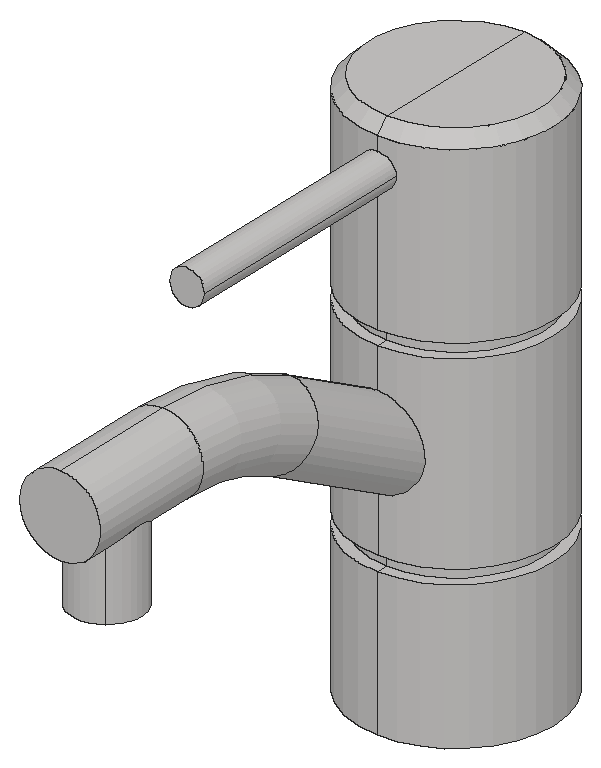
Revit family "Ifö Spira 15022 WB - 570 mm", category Generic Models, Revit 2015
Parameters (values of type "Ifö Spira 15022 WB - 570 mm")
  ifcExportType = "WASHHANDBASIN"
  ifcExportAs = "ifcSanitaryTerminalType"
  Width = 570.00 mm
  WashHandBasingMounting = "WallHung"
  WashHandBasinType = "Vanity"
  WarrantyStartDate = "n/a"
  WarrantyGuarantorParts = "n/a"
  WarrantyGuarantorLabor = "n/a"
  WarrantyDurationUnit = "n/a"
  WarrantyDurationParts = "n/a"
  WarrantyDurationLabor = "n/a"
  WarrantyDescription = "n/a"
  URL.se = "http://www.ifo.se/produkter/tvattstall/"
  URL.no = "http://www.ifosanitar.no/produkter/servanter/"
  URL.dk = "http://www.ifo.dk/produkter/handvaske/"
  URL = "n/a"
  Type Comments = "n/a"
  Type = "Building element"
  TagNumber = "n/a"
  SustainabilityPerformance = "n/a"
  SupplyPipeDiameter = 10.00 mm
  Size = "570x158x435"
  Shape = "Rounded"
  Serie = "Spira"
  SerialNumber = "n/a"
  ReturnPipeDiameter = 32.00 mm
  ReplacementCost = "n/a"
  NominalWidth = 570.00 mm
  NominalHeight = 158.00 mm
  NominalDepth = 435.00 mm
  Name = "Ifö Spira 15022 Wash basin, 57 cm"
  MountingHeight(offset) = 850.00 mm
  ModelReference = "Spira"
  ModelNumber = "15022"
  Model = "Ifö Spira 15022 WB 570 mm"
  Mixernotincluded(option) = yes
  Material = "Porcelain"
  Manufacturer = "Geberit"
  Keynote = "n/a"
  InstallationDate = "n/a"
  Height = 158.00 mm
  Grade = "n/a"
  Finish = "Glazed"
  Features = "feature1, feature2, feature6"
  ExpectedLife = "n/a"
  DurationUnit = "n/a"
  DrainSize = 0.00 mm
  Description = "Ifö Spira 15022 Wash basin, 57 cm"
  Depth = 435.00 mm
  Constituents = "n/a"
  ConnectorIn_VDistance = 0.00 mm
  ConnectorIn_HDistance = 120.00 mm
  Color = "White"
  CodePerformance = "n/a"
  Category = "WashHandBasin"
  CE labeling = "n/a"
  Brand = "Ifö"
  Brackets = Metal-Steel
  BarCode = "n/a"
  BIMObjectName = "Ifö Spira 15022 WB - 570 mm"
  AssetType = "n/a"
  AssetIdentifier = "n/a"
  AccessibilityPerformance = "n/a"
Reference planes
  plane 1 "Center (Front/Back)": y = 0
  plane 2: z = 0
  plane 3 "Center (Left/Right)": x = 0
  plane 4: z = 850
  plane 5 "Drain": z = 713.1
  plane 6: z = 713.1
  plane 7: x = 120
  plane 8: x = -120
  plane 9: y = -184.149
Dimensions and locks
  "MountingHeight(offset)": nested 1 to level
  "MountingHeight(offset)": plane 4 to level
  locked: plane 4 to plane 5 "Drain" at 136.9
  "ConnectorIn_VDistance": plane 6 to plane 5 "Drain"
  "ConnectorIn_HDistance": plane 3 "Center (Left/Right)" to plane 8
  "ConnectorIn_HDistance": plane 7 to plane 3 "Center (Left/Right)"
  locked: connector elem to plane 7
  locked: connector elem to plane 6  (x2)
  locked: plane 8 to connector elem
  locked: connector elem to plane 9
  aligned and locked: plane 2 to level
  aligned and locked: plane 3 "Center (Left/Right)" to nested 1
Nested families
  nested 1: "Generic" at (0, 0, 0), type "Generic"
Connectors
  piping at (120, 0, 713.1), diameter 10, driven by "SupplyPipeDiameter"
    settings: index 1, connector inside diameter 24", connector length 0.00 mm, flow factor 0, pipe flow 0 GPM, pressure drop 0.00 psi, fitting loss kfactor 0, connector angle 0.00°, fixture units 0, engagement length 0.00 mm, angle of deflection 0.00°, flow configuration 0, flow direction 1, fitting loss method 0, system type 20, joint type 0, gender type 0, connector reference index -1, connector utility 0, adjustable connector no, is connector primary yes, connector description ""
  piping at (-120, 0, 713.1), diameter 10, driven by "SupplyPipeDiameter"
    settings: index 2, connector inside diameter 24", connector length 0.00 mm, flow factor 0, pipe flow 0 GPM, pressure drop 0.00 psi, fitting loss kfactor 0, connector angle 0.00°, fixture units 0, engagement length 0.00 mm, angle of deflection 0.00°, flow configuration 0, flow direction 1, fitting loss method 0, system type 19, joint type 0, gender type 0, connector reference index -1, connector utility 0, adjustable connector no, is connector primary no, connector description ""
  piping at (0, -184.149, 713.1), diameter 32, driven by "ReturnPipeDiameter"
    settings: index 3, connector inside diameter 24", connector length 0.00 mm, flow factor 0, pipe flow 0 GPM, pressure drop 0.00 psi, fitting loss kfactor 0, connector angle 0.00°, fixture units 0, engagement length 0.00 mm, angle of deflection 0.00°, flow configuration 0, flow direction 2, fitting loss method 0, system type 16, joint type 0, gender type 0, connector reference index -1, connector utility 0, adjustable connector no, is connector primary no, connector description ""
Definition of nested family "Generic"
  Parameters
    VVS number = ""
    Reseller = ""
    Ifö number = ""
    Fittings = none
    CE labeling = ""
  Reference planes
    plane 1 "Center (Front/Back)": y = 0
    plane 2: z = 0
    plane 3 "Center (Left/Right)": x = 0
    plane 4: z = 850
  Forms (mm)
    Revolve 1, solid, material <- "Fittings"
      sketch origin (0, 3.735, 659.213) x (0, 1, 0) y (0, 0, 1)
        loop
          line (-81.936, 191.684) -> (-64.936, 191.684) -> (-64.936, 286.704) -> (-79.789, 286.704) -> (-81.936, 284.557) -> (-81.936, 254.557) -> (-79.936, 254.557) -> (-79.936, 252.057) -> (-81.936, 252.057) -> (-81.936, 219.557) -> (-79.936, 219.557) -> (-79.936, 217.057) -> (-81.936, 217.057) -> (-81.936, 191.684)
        axis (-64.936, 286.704) -> (-64.936, 191.684)
      angle from 0 to 360
    Sweep 2, solid, material <- "Fittings"
      path origin (185, 1.235, 649.213) x (0, 1, 0) y (0, 0, 1)
        loop
          line (-147.967, 265.803) -> (-125.897, 265.803)
          arc (-125.897, 265.803) -> (-113.378, 264.21) -> (-101.657, 259.534) r 50
          line (-101.657, 259.534) -> (-72.443, 243.34)
      profile origin (185, -135.697, 915.016) x (0, 0, 1) y (1, 0, 0)
        loop
          circle (0, -185) r 7
    Extrusion 3, solid, material <- "Fittings"
      sketch origin (0, 3.735, 659.213) x (1, 0, 0) y (0, 0, 1)
        loop
          circle (0, 279.191) r 3
      from 74.245 to 123.053
    Extrusion 4, solid, material <- "Fittings"
      sketch origin (174.135, -142.844, 385.896) x (0.601815, -0.798636, 0) y (0.798636, 0.601815, 0)
        loop
          circle (-109.679, -135.391) r 6.014
      from 527.873 to 511.219
  Cuts and joins
    joined: Revolve 1, Sweep 2, Extrusion 3, Extrusion 4
  Lines and regions (mm)
    Masking region 1
      outline origin (673.792, -202.477, 0) x (1, 0, 0) y (0, 1, 0)
        loop
          arc (-923.792, 202.477) -> (-929.12, 202.387) -> (-934.442, 202.116) r 157.295
          arc (-934.442, 202.116) -> (-939.034, 201.659) -> (-943.589, 200.913) r 73.295
          arc (-943.589, 200.913) -> (-946.739, 200.081) -> (-949.756, 198.852) r 25.309
          arc (-949.756, 198.852) -> (-951.496, 197.83) -> (-953.052, 196.545) r 12.685
          arc (-953.052, 196.545) -> (-956.323, 192.162) -> (-958.05, 186.972) r 17.172
          arc (-958.05, 186.972) -> (-959.316, 177.082) -> (-959.91, 167.128) r 147.149
          arc (-959.91, 167.128) -> (-960.008, 159.803) -> (-959.925, 152.477) r 296.815
          arc (-959.925, 152.477) -> (-959.508, 122.78) -> (-959.471, 93.08) r 2317.783
          arc (-959.471, 93.08) -> (-959.442, 75.594) -> (-959.175, 58.11) r 1283.185
          arc (-959.175, 58.11) -> (-958.823, 38.448) -> (-958.633, 18.783) r 2367.231
          arc (-958.633, 18.783) -> (-958.379, -3.863) -> (-957.862, -26.505) r 1959.962
          arc (-957.862, -26.505) -> (-957.361, -44.722) -> (-956.897, -62.941) r 8716.851
          arc (-956.897, -62.941) -> (-956.456, -78.658) -> (-955.902, -94.371) r 2164.165
          arc (-955.902, -94.371) -> (-955.242, -131.889) -> (-954.181, -169.399) r 3502.114
          arc (-954.181, -169.399) -> (-953.889, -175.348) -> (-953.063, -181.247) r 65.95
          arc (-953.063, -181.247) -> (-952.333, -185.047) -> (-951.562, -188.838) r 360.045
          arc (-951.562, -188.838) -> (-949.382, -194.961) -> (-945.638, -200.273) r 23.96
          arc (-945.638, -200.273) -> (-939.563, -205.86) -> (-932.704, -210.448) r 53.602
          arc (-932.704, -210.448) -> (-927.465, -213.09) -> (-922.009, -215.246) r 64.683
          arc (-922.009, -215.246) -> (-912.217, -218.344) -> (-902.284, -220.958) r 209.023
          arc (-902.284, -220.958) -> (-892.669, -222.885) -> (-882.989, -224.457) r 266.458
          arc (-882.989, -224.457) -> (-860.047, -228.074) -> (-837.014, -231.058) r 842.477
          arc (-837.014, -231.058) -> (-820.795, -232.883) -> (-804.565, -234.613) r 2768.602
          arc (-804.565, -234.613) -> (-772.339, -237.465) -> (-740.042, -239.351) r 1080.372
          arc (-740.042, -239.351) -> (-729.239, -239.837) -> (-718.438, -240.361) r 3198.822
          arc (-718.438, -240.361) -> (-710.715, -240.681) -> (-702.989, -240.868) r 446.771
          arc (-702.989, -240.868) -> (-673.792, -241.094) -> (-644.595, -240.868) r 1882.839
          arc (-644.595, -240.868) -> (-636.868, -240.681) -> (-629.145, -240.361) r 446.771
          arc (-629.145, -240.361) -> (-618.344, -239.837) -> (-607.541, -239.351) r 3198.822
          arc (-607.541, -239.351) -> (-575.244, -237.465) -> (-543.018, -234.613) r 1080.372
          arc (-543.018, -234.613) -> (-526.789, -232.883) -> (-510.569, -231.058) r 2768.602
          arc (-510.569, -231.058) -> (-487.536, -228.074) -> (-464.594, -224.457) r 842.477
          arc (-464.594, -224.457) -> (-454.915, -222.885) -> (-445.299, -220.958) r 266.458
          arc (-445.299, -220.958) -> (-435.366, -218.344) -> (-425.574, -215.246) r 209.023
          arc (-425.574, -215.246) -> (-420.118, -213.09) -> (-414.88, -210.448) r 64.683
          arc (-414.88, -210.448) -> (-408.02, -205.86) -> (-401.946, -200.273) r 53.602
          arc (-401.946, -200.273) -> (-398.201, -194.961) -> (-396.021, -188.838) r 23.96
          arc (-396.021, -188.838) -> (-395.251, -185.047) -> (-394.521, -181.247) r 360.045
          arc (-394.521, -181.247) -> (-393.694, -175.348) -> (-393.402, -169.399) r 65.95
          arc (-393.402, -169.399) -> (-392.341, -131.889) -> (-391.682, -94.371) r 3502.114
          arc (-391.682, -94.371) -> (-391.127, -78.658) -> (-390.686, -62.941) r 2164.165
          arc (-390.686, -62.941) -> (-390.223, -44.722) -> (-389.721, -26.505) r 8716.851
          arc (-389.721, -26.505) -> (-389.204, -3.863) -> (-388.95, 18.783) r 1959.962
          arc (-388.95, 18.783) -> (-388.761, 38.448) -> (-388.408, 58.11) r 2367.231
          arc (-388.408, 58.11) -> (-388.141, 75.594) -> (-388.112, 93.08) r 1283.185
          arc (-388.112, 93.08) -> (-388.076, 122.78) -> (-387.658, 152.477) r 2317.783
          arc (-387.658, 152.477) -> (-387.575, 159.803) -> (-387.673, 167.128) r 296.815
          arc (-387.673, 167.128) -> (-388.267, 177.082) -> (-389.533, 186.972) r 147.149
          arc (-389.533, 186.972) -> (-391.26, 192.162) -> (-394.531, 196.545) r 17.172
          arc (-394.531, 196.545) -> (-396.087, 197.83) -> (-397.827, 198.852) r 12.685
          arc (-397.827, 198.852) -> (-400.844, 200.081) -> (-403.994, 200.913) r 25.309
          arc (-403.994, 200.913) -> (-408.549, 201.659) -> (-413.141, 202.116) r 73.295
          arc (-413.141, 202.116) -> (-418.463, 202.387) -> (-423.792, 202.477) r 157.295
          line (-423.792, 202.477) -> (-923.792, 202.477)
    Masking region 2
      outline origin (-54, -215, 403.78) x (1, 0, 0) y (0, 0, 1)
        loop
          line (37, 457.49) -> (-113, 457.49)
          arc (-113, 457.49) -> (-160.44, 457.193) -> (-207.873, 456.304) r 3795.797
          arc (-207.873, 456.304) -> (-215.45, 455.726) -> (-222.929, 454.376) r 74.282
          arc (-222.929, 454.376) -> (-229.18, 450.7) -> (-232.238, 444.125) r 12.194
          arc (-232.238, 444.125) -> (-231.737, 430.235) -> (-230.977, 416.357) r 746.299
          arc (-230.977, 416.357) -> (-230.438, 406.846) -> (-230.041, 397.329) r 640.957
          arc (-230.041, 397.329) -> (-229.813, 389.69) -> (-229.496, 382.054) r 655.541
          arc (-229.496, 382.054) -> (-228.778, 378.396) -> (-226.958, 375.143) r 11.839
          arc (-226.958, 375.143) -> (-224.741, 373.117) -> (-221.994, 371.903) r 9.296
          arc (-221.994, 371.903) -> (-220.969, 371.871) -> (-219.944, 371.903) r 16.557
          arc (-219.944, 371.903) -> (-216.713, 370.074) -> (-213.202, 368.867) r 20.196
          arc (-213.202, 368.867) -> (-200.36, 365.759) -> (-187.509, 362.687) r 4570.671
          arc (-187.509, 362.687) -> (-134.881, 351.362) -> (-81.821, 342.28) r 1268.822
          arc (-81.821, 342.28) -> (-28.038, 336.204) -> (25.976, 332.742) r 1116.596
          arc (25.976, 332.742) -> (28.664, 330.672) -> (30.415, 327.766) r 9.156
          arc (30.415, 327.766) -> (30.824, 325.668) -> (30.961, 323.534) r 16.673
          line (30.961, 323.534) -> (30.961, 309.315) -> (77.039, 309.315) -> (77.039, 323.534)
          arc (77.039, 323.534) -> (77.176, 325.668) -> (77.585, 327.766) r 16.673
          arc (77.585, 327.766) -> (79.336, 330.672) -> (82.024, 332.742) r 9.156
          arc (82.024, 332.742) -> (136.038, 336.204) -> (189.821, 342.28) r 1116.596
          arc (189.821, 342.28) -> (242.881, 351.362) -> (295.509, 362.687) r 1268.822
          arc (295.509, 362.687) -> (308.36, 365.759) -> (321.202, 368.867) r 4570.671
          arc (321.202, 368.867) -> (324.713, 370.074) -> (327.944, 371.903) r 20.196
          arc (327.944, 371.903) -> (328.969, 371.871) -> (329.994, 371.903) r 16.557
          arc (329.994, 371.903) -> (332.741, 373.117) -> (334.958, 375.143) r 9.296
          arc (334.958, 375.143) -> (336.778, 378.396) -> (337.496, 382.054) r 11.839
          arc (337.496, 382.054) -> (337.813, 389.69) -> (338.041, 397.329) r 655.541
          arc (338.041, 397.329) -> (338.438, 406.846) -> (338.977, 416.357) r 640.957
          arc (338.977, 416.357) -> (339.737, 430.235) -> (340.238, 444.125) r 746.299
          arc (340.238, 444.125) -> (337.18, 450.7) -> (330.929, 454.376) r 12.194
          arc (330.929, 454.376) -> (323.45, 455.726) -> (315.873, 456.304) r 74.282
          arc (315.873, 456.304) -> (268.44, 457.193) -> (221, 457.49) r 3795.797
          line (221, 457.49) -> (71, 457.49) -> (71, 449.104)
          arc (71, 449.104) -> (54, 448.334) -> (37, 449.104) r 188.092
          line (37, 449.104) -> (37, 457.49)
    Masking region 3
      outline origin (-84.011, -215, 160.916) x (1, 0, 0) y (0, 0, 1)
        loop
          line (67.011, 715.353) -> (67.011, 691.968)
          arc (67.011, 691.968) -> (84.011, 691.198) -> (101.011, 691.968) r 188.092
          line (101.011, 691.968) -> (101.011, 715.353) -> (99.011, 715.353) -> (99.011, 717.853) -> (101.011, 717.853) -> (101.011, 750.353) -> (99.011, 750.353) -> (99.011, 752.853) -> (101.011, 752.853) -> (101.011, 782.853) -> (98.865, 785) -> (69.158, 785) -> (67.011, 782.853) -> (67.011, 752.853) -> (69.011, 752.853) -> (69.011, 750.353) -> (67.011, 750.353) -> (67.011, 717.853) -> (69.011, 717.853) -> (69.011, 715.353) -> (67.011, 715.353)
    Masking region 4
      outline origin (0, 0, 160.916) x (0, 1, 0) y (0, 0, 1)
        loop
          line (0, 630.474) -> (0, 679.795)
          arc (0, 679.795) -> (-0.068, 686.675) -> (-0.271, 693.552) r 348.797
          arc (-0.271, 693.552) -> (-0.48, 695.672) -> (-1.009, 697.735) r 13.907
          arc (-1.009, 697.735) -> (-1.552, 698.665) -> (-2.349, 699.389) r 3.549
          arc (-2.349, 699.389) -> (-4.765, 700.19) -> (-7.302, 699.992) r 6.437
          arc (-7.302, 699.992) -> (-9.401, 698.998) -> (-11.463, 697.929) r 65.8
          arc (-11.463, 697.929) -> (-16.789, 696.245) -> (-22.212, 694.907) r 86.951
          arc (-22.212, 694.907) -> (-27.731, 693.952) -> (-33.306, 693.424) r 72.783
          arc (-33.306, 693.424) -> (-38.754, 693.187) -> (-44.201, 692.946) r 8828.566
          line (-44.201, 692.946) -> (-44.201, 689.075) -> (-78.201, 689.075) -> (-78.201, 691.339)
          arc (-78.201, 691.339) -> (-84.423, 691.14) -> (-90.643, 690.913) r 1368.592
          arc (-90.643, 690.913) -> (-95.16, 690.751) -> (-99.677, 690.617) r 755.417
          arc (-99.677, 690.617) -> (-104.714, 690.446) -> (-109.749, 690.203) r 354.171
          arc (-109.749, 690.203) -> (-115.776, 689.809) -> (-121.795, 689.293) r 300.294
          arc (-121.795, 689.293) -> (-129.75, 689.149) -> (-137.706, 689.101) r 659.48
          line (-137.706, 689.101) -> (-438.842, 689.101)
          arc (-438.842, 689.101) -> (-442.295, 687.691) -> (-443.836, 684.304) r 5
          arc (-443.836, 684.304) -> (-443.795, 680.634) -> (-443.335, 676.992) r 32.156
          arc (-443.335, 676.992) -> (-441.844, 668.928) -> (-439.163, 661.178) r 54.606
          arc (-439.163, 661.178) -> (-435.515, 651.795) -> (-431.174, 642.711) r 134.036
          arc (-431.174, 642.711) -> (-425.825, 633.805) -> (-418.89, 626.07) r 54.738
          arc (-418.89, 626.07) -> (-408.213, 616.316) -> (-395.839, 608.83) r 73.88
          arc (-395.839, 608.83) -> (-385.776, 603.476) -> (-375.374, 598.814) r 168.622
          arc (-375.374, 598.814) -> (-361.757, 592.913) -> (-347.914, 587.56) r 371.414
          arc (-347.914, 587.56) -> (-342.868, 585.687) -> (-337.847, 583.75) r 418.672
          arc (-337.847, 583.75) -> (-334.487, 582.476) -> (-331.096, 581.286) r 145.159
          arc (-331.096, 581.286) -> (-325.212, 579.243) -> (-319.366, 577.095) r 347.434
          arc (-319.366, 577.095) -> (-316.266, 575.978) -> (-313.134, 574.956) r 108.14
          line (-313.134, 574.956) -> (-313.134, 607.515)
          arc (-313.134, 607.515) -> (-313.108, 608.532) -> (-313.03, 609.546) r 19.873
          arc (-313.03, 609.546) -> (-312.924, 610.063) -> (-312.718, 610.55) r 2.653
          arc (-312.718, 610.55) -> (-312.109, 611.248) -> (-311.332, 611.751) r 3.327
          arc (-311.332, 611.751) -> (-310.544, 612.094) -> (-309.738, 612.395) r 16.75
          arc (-309.738, 612.395) -> (-309.174, 612.57) -> (-308.599, 612.706) r 8.928
          arc (-308.599, 612.706) -> (-307.057, 613.005) -> (-305.51, 613.275) r 85.483
          arc (-305.51, 613.275) -> (-304.417, 613.448) -> (-303.322, 613.607) r 85.483
          arc (-303.322, 613.607) -> (-299.612, 614.038) -> (-295.887, 614.308) r 85.483
          arc (-295.887, 614.308) -> (-288.859, 614.593) -> (-281.826, 614.744) r 364.977
          line (-281.826, 614.744) -> (-2.069, 614.744)
          arc (-2.069, 614.744) -> (-1.717, 615.226) -> (-1.444, 615.756) r 3.905
          arc (-1.444, 615.756) -> (-1.287, 616.148) -> (-1.147, 616.547) r 10.137
          arc (-1.147, 616.547) -> (-1.02, 616.93) -> (-0.907, 617.317) r 11.091
          arc (-0.907, 617.317) -> (-0.746, 617.983) -> (-0.622, 618.657) r 12.285
          arc (-0.622, 618.657) -> (-0.429, 620.042) -> (-0.282, 621.432) r 43.665
          arc (-0.282, 621.432) -> (-0.166, 622.961) -> (-0.095, 624.492) r 52.755
          arc (-0.095, 624.492) -> (-0.024, 627.483) -> (0, 630.474) r 188.142
    Masking region 5
      outline origin (0, 0, 0) x (0, 1, 0) y (0, 0, 1)
        loop
          arc (-280.15, 775.685) -> (-282.607, 775.653) -> (-285.064, 775.608) r 508.121
          arc (-285.064, 775.608) -> (-287.449, 775.551) -> (-289.834, 775.478) r 364.977
          arc (-289.834, 775.478) -> (-292.861, 775.364) -> (-295.887, 775.224) r 364.977
          arc (-295.887, 775.224) -> (-299.612, 774.955) -> (-303.322, 774.523) r 85.483
          arc (-303.322, 774.523) -> (-304.417, 774.364) -> (-305.51, 774.191) r 85.483
          arc (-305.51, 774.191) -> (-307.057, 773.921) -> (-308.599, 773.623) r 85.483
          arc (-308.599, 773.623) -> (-309.174, 773.486) -> (-309.738, 773.312) r 8.928
          arc (-309.738, 773.312) -> (-310.544, 773.01) -> (-311.332, 772.668) r 16.75
          arc (-311.332, 772.668) -> (-312.109, 772.164) -> (-312.718, 771.466) r 3.327
          arc (-312.718, 771.466) -> (-312.924, 770.98) -> (-313.03, 770.462) r 2.653
          arc (-313.03, 770.462) -> (-313.108, 769.448) -> (-313.134, 768.431) r 19.873
          line (-313.134, 768.431) -> (-313.134, 764.596)
          arc (-313.134, 764.596) -> (-307.851, 762.855) -> (-302.524, 761.25) r 216.899
          arc (-302.524, 761.25) -> (-291.637, 758.242) -> (-280.671, 755.535) r 411.63
          arc (-280.671, 755.535) -> (-275.179, 754.247) -> (-269.692, 752.939) r 1465.08
          arc (-269.692, 752.939) -> (-268.425, 752.64) -> (-267.154, 752.355) r 129.622
          arc (-267.154, 752.355) -> (-265.314, 751.945) -> (-263.478, 751.521) r 267.438
          arc (-263.478, 751.521) -> (-261.302, 751.014) -> (-259.125, 750.51) r 1224.679
          arc (-259.125, 750.51) -> (-249.405, 748.336) -> (-239.658, 746.284) r 789.582
          arc (-239.658, 746.284) -> (-238.307, 746.003) -> (-236.957, 745.711) r 181.594
          arc (-236.957, 745.711) -> (-233.048, 744.874) -> (-229.131, 744.079) r 371.912
          arc (-229.131, 744.079) -> (-225.114, 743.251) -> (-221.14, 742.342) r 246.288
          arc (-221.14, 742.342) -> (-220.757, 742.243) -> (-220.379, 742.123) r 7.176
          arc (-220.379, 742.123) -> (-219.787, 741.887) -> (-219.219, 741.599) r 7.176
          arc (-219.219, 741.599) -> (-218.763, 741.338) -> (-218.311, 741.069) r 33.947
          line (-218.311, 741.069) -> (-210.556, 735.493)
          arc (-210.556, 735.493) -> (-210.067, 735.102) -> (-209.62, 734.663) r 6.148
          arc (-209.62, 734.663) -> (-209.332, 734.352) -> (-209.042, 734.044) r 55.155
          arc (-209.042, 734.044) -> (-208.65, 733.559) -> (-208.338, 733.019) r 3.963
          arc (-208.338, 733.019) -> (-208.082, 732.466) -> (-207.835, 731.909) r 33.205
          arc (-207.835, 731.909) -> (-207.563, 730.99) -> (-207.404, 730.044) r 7.908
          arc (-207.404, 730.044) -> (-207.285, 728.745) -> (-207.205, 727.443) r 44.208
          arc (-207.205, 727.443) -> (-207.136, 725.451) -> (-207.116, 723.459) r 81.424
          line (-207.116, 723.459) -> (-207.091, 720.438) -> (-207.091, 713.169) -> (-161.006, 713.169) -> (-161.006, 720.438) -> (-160.981, 723.459)
          arc (-160.981, 723.459) -> (-160.961, 725.451) -> (-160.892, 727.443) r 81.424
          arc (-160.892, 727.443) -> (-160.811, 728.745) -> (-160.693, 730.044) r 44.208
          arc (-160.693, 730.044) -> (-160.534, 730.99) -> (-160.262, 731.909) r 7.908
          arc (-160.262, 731.909) -> (-160.015, 732.466) -> (-159.759, 733.019) r 33.205
          arc (-159.759, 733.019) -> (-159.447, 733.559) -> (-159.055, 734.044) r 3.963
          arc (-159.055, 734.044) -> (-158.765, 734.352) -> (-158.477, 734.663) r 55.155
          arc (-158.477, 734.663) -> (-158.03, 735.102) -> (-157.541, 735.493) r 6.148
          line (-157.541, 735.493) -> (-149.786, 741.069)
          arc (-149.786, 741.069) -> (-149.334, 741.338) -> (-148.878, 741.599) r 33.947
          arc (-148.878, 741.599) -> (-148.309, 741.887) -> (-147.718, 742.123) r 7.176
          arc (-147.718, 742.123) -> (-147.34, 742.243) -> (-146.957, 742.342) r 7.176
          arc (-146.957, 742.342) -> (-145.7, 742.665) -> (-144.462, 743.054) r 24.471
          arc (-144.462, 743.054) -> (-142.779, 743.703) -> (-141.148, 744.474) r 24.471
          arc (-141.148, 744.474) -> (-133.181, 750.264) -> (-127.278, 758.148) r 32.981
          arc (-127.278, 758.148) -> (-124.597, 763.23) -> (-122.812, 768.691) r 33.954
          arc (-122.812, 768.691) -> (-122.018, 772.166) -> (-121.449, 775.685) r 55.618
          line (-121.449, 775.685) -> (-280.15, 775.685)
    Masking region 6
      outline origin (0, -157.156, 188.174) x (0, 1, 0) y (0, 0, 1)
        loop
          line (110.808, 757.743) -> (81.102, 757.743) -> (78.955, 755.596) -> (78.955, 753.229) -> (37.838, 753.229) -> (37.838, 747.229) -> (78.955, 747.229) -> (78.955, 725.596) -> (80.955, 725.596) -> (80.955, 723.096) -> (78.955, 723.096) -> (78.955, 716.259) -> (60.288, 726.606)
          arc (60.288, 726.606) -> (46.759, 732.003) -> (32.31, 733.842) r 57.711
          line (32.31, 733.842) -> (10.424, 733.842) -> (10.424, 719.842) -> (14.41, 719.842) -> (14.41, 708.941) -> (26.439, 708.941) -> (26.439, 719.842) -> (32.31, 719.842)
          arc (32.31, 719.842) -> (43.254, 718.449) -> (53.501, 714.361) r 43.711
          line (53.501, 714.361) -> (78.955, 700.252) -> (78.955, 690.596) -> (80.955, 690.596) -> (80.955, 688.096) -> (78.955, 688.096) -> (78.955, 661.826) -> (112.955, 661.826) -> (112.955, 688.096) -> (110.955, 688.096) -> (110.955, 690.596) -> (112.955, 690.596) -> (112.955, 723.096) -> (110.955, 723.096) -> (110.955, 725.596) -> (112.955, 725.596) -> (112.955, 755.596) -> (110.808, 757.743)
    symbolic lines
      curve 1: line (273.244, -215, 850.02) -> (-273.244, -215, 850.02)
      curve 2: circle (0, -184.149, 0) r 37.001 normal (0, 0, 1)
      curve 3: circle (0, -184.149, 0) r 22.996 normal (0, 0, 1)
      curve 4: arc (-83.165, -405.736, 0) -> (0, -409.023, 0) -> (83.165, -405.736, 0) r 1053.897
      curve 5: line (-237.679, -151.017, 0) -> (-219.957, -353.572, 0)
      curve 6: arc (3, -215, 938.403) -> (0, -215, 941.403) -> (-3, -215, 938.403) r 3
      curve 7: arc (-3, -215, 938.403) -> (0, -215, 935.403) -> (3, -215, 938.403) r 3
      curve 8: arc (0, -215, 908.016) -> (7, -215, 915.016) -> (0, -215, 922.016) r 7
      curve 9: arc (0, -215, 922.016) -> (-7, -215, 915.016) -> (0, -215, 908.016) r 7
      curve 10: line (-6.014, -215, 897.115) -> (6.014, -215, 897.115)
      curve 11: line (6.014, -215, 897.115) -> (6.014, -215, 911.434)
      curve 12: line (-6.014, -215, 897.115) -> (-6.014, -215, 911.434)
      curve 13: line (-7, -215, 915.016) -> (-7, -215, 895.415)
      curve 14: line (7, -215, 915.016) -> (7, -215, 895.415)
      curve 15: line (-15, -215, 913.77) -> (-7, -215, 913.77)
      curve 16: line (-15, -215, 911.27) -> (-7, -215, 911.27)
      curve 17: line (7, -215, 913.77) -> (15, -215, 913.77)
      curve 18: line (15, -215, 911.27) -> (7, -215, 911.27)
      curve 19: line (-15, -215, 878.77) -> (15, -215, 878.77)
      curve 20: line (15, -215, 876.27) -> (-15, -215, 876.27)
      curve 21: line (-17, -215, 943.77) -> (17, -215, 943.77)
      curve 22: arc (-217.021, -215, 774.576) -> (0, -215, 786.884) -> (217.021, -215, 774.576) r 1919.494
      curve 23: arc (-257.601, -215, 774.881) -> (-237.321, -215, 773.501) -> (-217.021, -215, 774.576) r 168.341
      curve 24: arc (257.601, -215, 774.881) -> (237.321, -215, 773.501) -> (217.021, -215, 774.576) r 168.341
      curve 25: arc (273.244, -215, 850.02) -> (276.102, -215, 850.46) -> (278.696, -215, 851.74) r 9.504
      curve 26: arc (-273.244, -215, 850.02) -> (-276.102, -215, 850.46) -> (-278.696, -215, 851.74) r 9.504
      curve 27: line (0, -277.542, 775.685) -> (0, -367.787, 775.685)
      curve 28: line (0, -388.232, 790.001) -> (0, -393.362, 804.096)
      curve 29: arc (0, -367.787, 775.685) -> (0, -380.266, 779.62) -> (0, -388.232, 790.001) r 21.757
      curve 30: arc (0, -44.201, 849.992) -> (0, -29.034, 851.932) -> (0, -14.844, 857.626) r 60.264
      curve 31: line (0, -220.99, 742.36) -> (0, -147.086, 742.36)
      curve 32: arc (0, -159.227, 733.857) -> (0, -184.038, 734.299) -> (0, -208.849, 733.857) r 697.262
      curve 33: arc (-25.432, 0, 734.557) -> (0, 0, 734.751) -> (25.432, 0, 734.557) r 1669.089
      curve 34: circle (0, -61.201, 0) r 14.85 normal (0, 0, 1)
      curve 35: line (7, -146.732, 0) -> (7, -76.693, 0)
      curve 36: line (-7, -146.732, 0) -> (7, -146.732, 0)
      curve 37: line (-7, -76.693, 0) -> (-7, -146.732, 0)
      curve 38: line (-3, -119.318, 0) -> (3, -119.318, 0)
      curve 39: line (-3, -77.934, 0) -> (-3, -119.318, 0)
      curve 40: line (3, -119.318, 0) -> (3, -77.934, 0)
      curve 41: line (0, -46.201, 913.77) -> (0, -76.201, 913.77)
      curve 42: line (0, -46.201, 911.27) -> (0, -76.201, 911.27)
      curve 43: line (0, -46.201, 878.77) -> (0, -76.201, 878.77)
      curve 44: line (0, -46.201, 876.27) -> (0, -76.201, 876.27)
      curve 45: line (0, -44.201, 943.769) -> (0, -78.201, 943.769)
      curve 46: line (0, -131.928, 909.024) -> (0, -142.746, 908.016)
      curve 47: spline (0, -130.716, 908.014) -> (0, -130.732, 908.025) -> (0, -130.764, 908.05) -> (0, -130.813, 908.089) -> (0, -130.877, 908.142) -> (0, -130.958, 908.208) -> (0, -131.054, 908.288) -> (0, -131.165, 908.381) -> (0, -131.291, 908.486) -> (0, -131.43, 908.604) -> (0, -131.584, 908.733) -> (0, -131.75, 908.873) -> (0, -131.928, 909.024)
      curve 48: line (0, -78.201, 904.433) -> (0, -78.201, 888.426)
      curve 49: line (0, -123.201, 849.992) -> (0, -78.201, 849.992)
      curve 50: arc (-7, -116.876, 0) -> (-113.874, -120.12, 0) -> (-220.294, -130.489, 0) r 1601.533
      curve 51: arc (-237.679, -151.017, 0) -> (-232.953, -137.393, 0) -> (-220.294, -130.489, 0) r 20
      curve 52: arc (7, -116.876, 0) -> (113.874, -120.12, 0) -> (220.294, -130.489, 0) r 1601.533
      curve 53: arc (-7, 0, 895.415) -> (0, 0, 888.415) -> (7, 0, 895.415) r 7
      curve 54: arc (0, -78.201, 941.403) -> (0, -77.934, 938.403) -> (0, -78.201, 935.403) r 16.997
      curve 55: circle (0, -61.201, 0) r 17 normal (0, 0, 1)
      curve 56: arc (-200.881, -378.942, 0) -> (-142.995, -396.608, 0) -> (-83.165, -405.736, 0) r 418.296
      curve 57: arc (-219.957, -353.572, 0) -> (-214.05, -368.986, 0) -> (-200.881, -378.942, 0) r 30
      curve 58: line (237.679, -151.017, 0) -> (219.957, -353.572, 0)
      curve 59: arc (237.679, -151.017, 0) -> (232.953, -137.393, 0) -> (220.294, -130.489, 0) r 20
      curve 60: arc (200.881, -378.942, 0) -> (142.995, -396.608, 0) -> (83.165, -405.736, 0) r 418.296
      curve 61: arc (219.957, -353.572, 0) -> (214.05, -368.986, 0) -> (200.881, -378.942, 0) r 30
      curve 62: arc (-28.024, 0, 736.522) -> (0, 0, 735.821) -> (28.024, 0, 736.522) r 560.087
  Dimensions and locks
    aligned and locked: plane 2 to level
